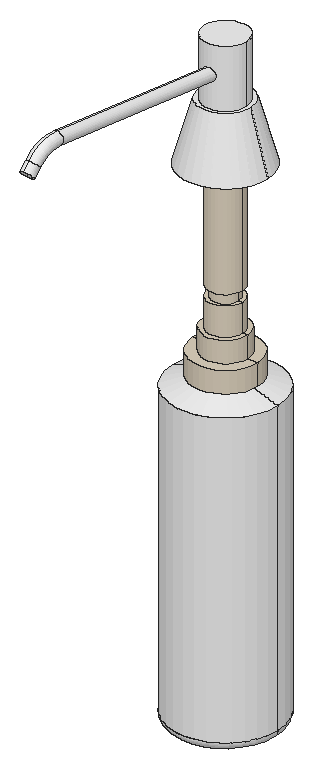
Revit family "Soap_Dispenser-Bradley_Corp-6326", category Specialty Equipment, host Face, Revit 2012
Parameters (values of type "6326")
  Version = "2.0"
  Specifications URL = "http://www.bradleycorp.com/3partspec"
  Soap Bottle Radius = Soap Bottle Width / 2  # 1.250"
  Warranty Information = "Complete Unit 1 Year Warranty. This Warranty does not cover installation or any other labor charges and does not apply to any units which have been damaged by abuse, improper installation, imporper maintanence, or altered in any way."
  Unit Material = Metal - Bradley Corp - Chrome
  URL = "http://www.bradleycorp.com/"
  Type Comments = "Plastic Globe 16oz."
  Technical Data = "n/a"
  Rough In Radius = Rough In Diameter / 2  # 0.500"
  Product Tech Data URL - Spanish = ""
  Product Tech Data URL - French = ""
  Product Tech Data URL - English = "http://bradleycorp.com/download/361/8640.pdf"
  Percentage of Recycled Content = 0
  OmniClass Table 23 Title = "Hand Soap Dispensers"
  OmniClass Table 23 Number = "23.31.25.29.13"
  OmniClass Table 21 Title = "Toilet, Bath, and Laundry Accessories"
  OmniClass Table 21 Number = "21-03 10 90 40"
  Modeling Code = "n/a"
  Model = "6326"
  Material Note = "n/a"
  Material = "Stainless Steel"
  MasterFormat Title = "Toilet, Bath, and Laundry Accessories"
  MasterFormat Number = "10 28 00  "
  Manufacturer = "Bradley Corporation"
  Low Emitting Material = no
  Length = 6.000"
  LEED Credit = ""
  Installation Type = "Countertop Mounted"
  Industry Standards = "n/a"
  Height = 2.750"
  Globe Material = Plastic - Bradley Corp - Polyethylene - Transluscent
  Fire Rating = "n/a"
  Description = "Lavatory-Mounted Soap Dispenser"
  Default Elevation = 0.000"
  Copyright = "This Model is Property of Bradley Corporation"
  Complies to NAFTA = "n/a"
  Buy American Act = "To Be Determined"
  Assembly Code = "C1030200"
  ADA Compliant = "Yes"
  Soap Bottle Depth = 7.125"
  Soap Bottle Width = 2.500"
  Max Countertop Thickness = 3.500"
  Rough In Diameter = 1.000"
Types (4): name | Soap Bottle Radius | Type Comments | Model | Globe Material | Soap Bottle Depth | Soap Bottle Width
  (no name) | 1.250" | "Plastic Globe 16oz." | "6326" | Plastic - Bradley Corp - Polyethylene - Transluscent | 7.125" | 2.500"
  6326 | 1.250" | "Plastic Globe 16oz." | "6326" | Plastic - Bradley Corp - Polyethylene - Transluscent | 7.125" | 2.500"
  6326-67 | 1.375" | "Metal Globe (stainless steel) 16 oz." | "6326-67" | Metal - Bradley Corp - Stainless Steel - Satin | 5.000" | 2.750"
  6326-68 | 1.625" | "Plastic Globe 32 oz." | "6326-68" | Plastic - Bradley Corp - Polyethylene - Transluscent | 8.938" | 3.250"
Reference planes (in)
  plane 1 "Center (Front/Back)": y = 0
  plane 2: z = 0
  plane 3 "Center (Left/Right)": x = 0
  plane 4 "Soap Bottle Left": x = -1.25
  plane 5 "Soap Bottle Right": x = 1.25
  plane 6 "Top": z = 2.75
  plane 7 "Front": y = -6
  plane 8 "Max Countertop Thickness": z = -3.5
  plane 9 "Soap Container Depth": z = -11.875
  plane 10 "Soap Bottle Back": y = 1.25
  plane 11 "Soap Bottle Front": y = -1.25
  plane 12 "Shank Depth": z = -4.75
Forms (in)
  Extrusion 1, void
    sketch origin (0, 0, 0) x (1, 0, 0) y (0, 1, 0)
      loop
        circle (0, 0) r 0.5
    from -3.5 to 0
  Revolve 2, solid, material "Plastic - Bradley Corp - Polyethylene - Transluscent" <- "Globe Material", detail levels fine
    sketch origin (0, 0, 0) x (1, 0, 0) y (0, 0, 1)
      loop
        line (-0.54213, -4.5) -> (-1.25, -4.75) -> (-1.25, -11.675)
        arc (-1.25, -11.675) -> (-1.19142, -11.81642) -> (-1.05, -11.875) r 0.2
        line (-1.05, -11.875) -> (0, -11.875) -> (0, -4.5) -> (-0.54213, -4.5)
      axis (0, -4.5) -> (0, -11.875)
    angle from 0 to 360
  Extrusion 3, solid, material "Plastic - Bradley Corp - Polyethylene - Transluscent" <- "Globe Material", detail levels coarse+medium
    sketch origin (0, 0, -11.875) x (-1, 0, 0) y (0, -1, 0)
      loop
        circle (0, 0) r 1.25
    from 0 to 7.125
  Blend 4, solid, material "Metal - Bradley Corp - Chrome" <- "Unit Material", detail levels fine
    base sketch origin (0, 0, -11.875) x (-1, 0, 0) y (0, -1, 0)
      loop
        circle (0, 0) r 1
    top sketch origin (0, 0, -11.875) x (-1, 0, 0) y (0, -1, 0)
      loop
        circle (0, 0) r 0.6
    from 11.875 to 13.25
  Extrusion 5, solid, material "Metal - Bradley Corp - Chrome" <- "Unit Material", detail levels fine
    sketch origin (0, 0, 2.75) x (-1, 0, 0) y (0, -1, 0)
      loop
        circle (0, 0) r 0.5
    from -1.375 to 0
  Sweep 6, solid, material "Metal - Bradley Corp - Chrome" <- "Unit Material", detail levels fine
    path origin (0, -6, 2.25) x (0, 1, 0) y (0, 0, 1)
      loop
        line (0, 0.16869) -> (0.16044, 0.32913)
        arc (0.16044, 0.32913) -> (0.54796, 0.56958) -> (1.00195, 0.61295) r 1
        line (1.00195, 0.61295) -> (6, -0.06495)
    profile origin (0, -5.91978, 2.49891) x (0, -0.707107, 0.707107) y (1, 0, 0)
      loop
        circle (-0.15, 0) r 0.15
  Extrusion 7, solid, material "Metal - Bradley Corp - Chrome" <- "Unit Material", detail levels coarse+medium
    sketch origin (0, 0, 2.75) x (-1, 0, 0) y (0, -1, 0)
      loop
        circle (0, 0) r 1
    from -2.75 to 0
  Revolve 8, solid, material "Plastic - Bradley Corp - ABS - Cream", detail levels fine
    sketch origin (0, 0, 0) x (1, 0, 0) y (0, 0, 1)
      loop
        line (-0.40625, 0) -> (-0.40625, -2.59031) -> (-0.30892, -2.59031) -> (-0.30892, -2.84031) -> (-0.40625, -2.84031) -> (-0.40625, -3.5) -> (-0.52428, -3.5) -> (-0.52428, -4) -> (-0.77428, -4) -> (-0.77428, -4.5) -> (0, -4.5) -> (0, 0) -> (-0.40625, 0)
      axis (0, 0) -> (0, -4.5)
    angle from 0 to 360
  Extrusion 9, solid, material "Plastic - Bradley Corp - ABS - Cream", detail levels coarse+medium
    sketch origin (0, 0, 2.75) x (-1, 0, 0) y (0, -1, 0)
      loop
        circle (0, 0) r 0.5
    from -7.25 to -2.75
  Extrusion 10, solid, material "Metal - Bradley Corp - Chrome" <- "Unit Material", detail levels coarse+medium
    sketch origin (0, 0, 0) x (1, 0, 0) y (0, 0, 1)
      loop
        circle (0, 2.25286) r 0.15266
    from 0 to 6
Cuts and joins
  joined: Extrusion 5, Sweep 6
  joined: Extrusion 7, Extrusion 10
Lines and regions (in)
  Masking region 1
    outline origin (0, 0, 2.75) x (-1, 0, 0) y (0, -1, 0)
      loop
        arc (-0.15005, 0.98868) -> (0.00026, -1) -> (0.14955, 0.98875) r 1
        line (0.14955, 0.98875) -> (0.14955, 5.89048)
        spline (0.14955, 5.89048) -> (0.14444, 5.91883) -> (0.12948, 5.94524) -> (0.10567, 5.96792) -> (0.07465, 5.98533) -> (0.03852, 5.99627) -> (-0.00025, 6) -> (-0.03902, 5.99627) -> (-0.07515, 5.98533) -> (-0.10618, 5.96792) -> (-0.12998, 5.94524) -> (-0.14495, 5.91883) -> (-0.15005, 5.89048)
        line (-0.15005, 5.89048) -> (-0.15005, 0.98868)
  Masking region 2
    outline origin (0, 0, 0) x (1, 0, 0) y (0, 0, 1)
      loop
        line (0.5, 2.75) -> (0.14696, 2.75)
        arc (0.14696, 2.75) -> (-0.00007, 2.86998) -> (-0.1471, 2.75) r 0.15008
        line (-0.1471, 2.75) -> (-0.5, 2.75) -> (-0.5, 1.375) -> (-0.6, 1.375) -> (-1, 0) -> (-0.40625, 0) -> (-0.40625, -2.59031) -> (-0.30892, -2.59031) -> (-0.30892, -2.84031) -> (-0.40625, -2.84031) -> (-0.40625, -3.5) -> (-0.52428, -3.5) -> (-0.52428, -4) -> (-0.77428, -4) -> (-0.77428, -4.5) -> (-0.54213, -4.5) -> (-1.25, -4.75) -> (-1.25, -11.68159)
        arc (-1.25, -11.68159) -> (-1.19335, -11.81835) -> (-1.05659, -11.875) r 0.19341
        line (-1.05659, -11.875) -> (1.05575, -11.875)
        arc (1.05575, -11.875) -> (1.18855, -11.82269) -> (1.25, -11.69386) r 0.19472
        line (1.25, -11.69386) -> (1.25, -4.75) -> (0.54213, -4.5) -> (0.77428, -4.5) -> (0.77428, -4) -> (0.52428, -4) -> (0.52428, -3.5) -> (0.40625, -3.5) -> (0.40625, -2.84031) -> (0.30892, -2.84031) -> (0.30892, -2.59031) -> (0.40625, -2.59031) -> (0.40625, 0) -> (1, 0) -> (0.6, 1.375) -> (0.5, 1.375) -> (0.5, 2.75)
  Masking region 3
    outline origin (0, 0, 0) x (0, 1, 0) y (0, 0, 1)
      loop
        line (0.5, 2.75) -> (-0.5, 2.75) -> (-0.5, 2.25286) -> (-4.95001, 2.85527)
        arc (-4.95001, 2.85527) -> (-5.3776, 2.83193) -> (-5.76635, 2.65234) r 1.13904
        line (-5.76635, 2.65234) -> (-6, 2.41869) -> (-5.78787, 2.20656) -> (-5.60387, 2.39056)
        arc (-5.60387, 2.39056) -> (-5.26459, 2.55858) -> (-4.88626, 2.5439) r 0.76725
        line (-4.88626, 2.5439) -> (-0.5, 1.95012) -> (-0.5, 1.375) -> (-0.6, 1.375) -> (-1, 0) -> (-0.40625, 0) -> (-0.40625, -2.59031) -> (-0.30892, -2.59031) -> (-0.30892, -2.84031) -> (-0.40625, -2.84031) -> (-0.40625, -3.5) -> (-0.52428, -3.5) -> (-0.52428, -4) -> (-0.77428, -4) -> (-0.77428, -4.5) -> (-0.54213, -4.5) -> (-1.25, -4.75) -> (-1.25, -11.6697)
        arc (-1.25, -11.6697) -> (-1.20218, -11.80279) -> (-1.08059, -11.875) r 0.2091
        line (-1.08059, -11.875) -> (1.0634, -11.875)
        arc (1.0634, -11.875) -> (1.19533, -11.81221) -> (1.25, -11.67672) r 0.20122
        line (1.25, -11.67672) -> (1.25, -4.75) -> (0.54213, -4.5) -> (0.77428, -4.5) -> (0.77428, -4) -> (0.52428, -4) -> (0.52428, -3.5) -> (0.40625, -3.5) -> (0.40625, -2.84031) -> (0.30892, -2.84031) -> (0.30892, -2.59031) -> (0.40625, -2.59031) -> (0.40625, 0) -> (1, 0) -> (0.6, 1.375) -> (0.5, 1.375) -> (0.5, 2.75)
  reference lines
    curve 1: line (0, -6, 2.25) -> (0, 0, 2.25)
  symbolic lines, detail levels fine
    curve 2: line (-0.14955, -0.98875, 2.75) -> (-0.14955, -0.47711, 2.75)
    curve 3: line (0.15005, -0.98868, 2.75) -> (0.15005, -0.47695, 2.75)
    curve 4: arc (-0.5, 0, 2.75) -> (0, -0.5, 2.75) -> (0.5, 0, 2.75) r 0.5
    curve 5: arc (0.5, 0, 2.75) -> (0, 0.5, 2.75) -> (-0.5, 0, 2.75) r 0.5
    curve 6: line (-0.5, 0, 1.375) -> (0.5, 0, 1.375)
    curve 7: line (-0.1471, 0, 2.75) -> (-0.1471, 0, 2.0932)
    curve 8: line (0.14696, 0, 2.75) -> (0.14696, 0, 2.0932)
    curve 9: arc (-0.1471, 0, 2.0932) -> (-0.00007, 0, 1.94617) -> (0.14696, 0, 2.0932) r 0.14703
    curve 10: line (0, -0.5, 1.375) -> (0, 0.5, 1.375)
    curve 11: arc (-0.15266, 0, 2.25286) -> (0, 0, 2.10021) -> (0.15266, 0, 2.25286) r 0.15266
    curve 12: arc (0.15266, 0, 2.25286) -> (0, 0, 2.40552) -> (-0.15266, 0, 2.25286) r 0.15266
Dimensions and locks (in)
  "Length": plane 1 "Center (Front/Back)" to plane 7 "Front"
  "Height": plane 6 "Top" to plane 2
  "Max Countertop Thickness": plane 2 to plane 8 "Max Countertop Thickness"
  "Soap Bottle Width": plane 10 "Soap Bottle Back" to plane 11 "Soap Bottle Front"
  "Soap Bottle Width": plane 4 "Soap Bottle Left" to plane 5 "Soap Bottle Right"
  equal spacing: plane 4 "Soap Bottle Left", plane 3 "Center (Left/Right)", plane 5 "Soap Bottle Right"
  equal spacing: plane 10 "Soap Bottle Back", plane 1 "Center (Front/Back)", plane 11 "Soap Bottle Front"
  "Soap Bottle Radius": plane 3 "Center (Left/Right)" to Revolve 2 sketch curve
  equal spacing: plane 6 "Top", Blend 4, plane 2
  locked: plane 2 to plane 12 "Shank Depth" at 4.75
  "Soap Bottle Depth": plane 12 "Shank Depth" to plane 9 "Soap Container Depth"
  locked: Revolve 8 sketch curve to plane 8 "Max Countertop Thickness" at 0.90969
  locked: Revolve 8 sketch curve to plane 8 "Max Countertop Thickness" at 0.65969
  locked: plane 8 "Max Countertop Thickness" to Revolve 8 sketch curve at 0.5
  locked: plane 8 "Max Countertop Thickness" to Revolve 8 sketch curve at 1
  "Rough In Radius": radius of Extrusion 1 sketch curve
  "Soap Bottle Radius": radius of Extrusion 3 sketch curve
  aligned and locked: plane 2 to host face
  aligned and locked: level to host face
  aligned and locked: plane 3 "Center (Left/Right)" to Extrusion 1 sketch curve
  aligned and locked: plane 1 "Center (Front/Back)" to Extrusion 1 sketch curve
  aligned and locked: Extrusion 1 to plane 8 "Max Countertop Thickness"
  aligned and locked: plane 2 to Extrusion 1
  aligned and locked: plane 3 "Center (Left/Right)" to Extrusion 3 sketch curve
  aligned and locked: plane 1 "Center (Front/Back)" to Extrusion 3 sketch curve
  aligned and locked: Revolve 2 sketch curve to plane 3 "Center (Left/Right)"  (x2)
  aligned and locked: Extrusion 3 to plane 9 "Soap Container Depth"
  aligned and locked: plane 3 "Center (Left/Right)" to Blend 4 sketch curve
  aligned and locked: plane 1 "Center (Front/Back)" to Blend 4 sketch curve
  aligned and locked: Blend 4 to plane 2
  aligned and locked: Extrusion 5 to Blend 4
  aligned and locked: plane 6 "Top" to Extrusion 5
  aligned and locked: plane 12 "Shank Depth" to Extrusion 3
  aligned and locked: Extrusion 7 to plane 2
  aligned and locked: plane 6 "Top" to Extrusion 7
  aligned and locked: plane 7 "Front" to curve 1
  aligned and locked: plane 1 "Center (Front/Back)" to curve 1
  aligned and locked: plane 2 to Extrusion 9
  aligned and locked: Extrusion 9 to Revolve 2
Automatic sketch dimensions
  host sketch curve to host sketch curve = 4.48018"
  host sketch curve to host sketch curve = 5.09722"
  Blend 4 sketch curve to plane 1 "Center (Front/Back)" = 0.000"
  Blend 4 sketch curve to plane 3 "Center (Left/Right)" = 0.000"
  Extrusion 5 sketch curve to plane 1 "Center (Front/Back)" = 0.000"
  Extrusion 5 sketch curve to plane 3 "Center (Left/Right)" = 0.000"
  Sweep 6 sketch curve to plane 3 "Center (Left/Right)" = 0.000"
  profile plane to Sweep 6 sketch curve = 0.150"
  Revolve 2 sketch curve to plane 9 "Soap Container Depth" = 0.000"
  Revolve 2 sketch curve to plane 12 "Shank Depth" = 0.000"
  plane 4 "Soap Bottle Left" to Revolve 2 sketch curve = 0.200"
  Revolve 2 sketch curve to plane 3 "Center (Left/Right)" = 0.54213"
  Revolve 2 sketch curve to plane 9 "Soap Container Depth" = 0.500"
  plane 12 "Shank Depth" to Revolve 2 sketch curve = 0.250"
  level to Revolve 2 sketch curve = 0.500"
  Extrusion 7 sketch curve to plane 1 "Center (Front/Back)" = 0.000"
  Extrusion 7 sketch curve to plane 3 "Center (Left/Right)" = 0.000"
  Revolve 8 sketch curve to plane 8 "Max Countertop Thickness" = 0.000"
  Revolve 8 sketch curve to level = 0.000"  (x2)
  Revolve 8 sketch curve to plane 3 "Center (Left/Right)" = 0.000"  (x2)
  Revolve 8 sketch curve to plane 3 "Center (Left/Right)" = 0.30892"
  Revolve 8 sketch curve to plane 3 "Center (Left/Right)" = 0.40625"
  Revolve 8 sketch curve to Revolve 8 sketch curve = 0.09733"
  Revolve 8 sketch curve to Revolve 8 sketch curve = 0.11803"
  Revolve 8 sketch curve to Revolve 8 sketch curve = 0.250"
  Revolve 8 sketch curve to Revolve 8 sketch curve = 0.000"
  curve 1 to plane 6 "Top" = 0.500"
  Extrusion 9 sketch curve to plane 1 "Center (Front/Back)" = 0.000"
  Extrusion 9 sketch curve to plane 3 "Center (Left/Right)" = 0.000"
  Sweep 6 sketch curve to curve 1 = 0.000"  (x2)
  Sweep 6 sketch curve to curve 1 = 0.06495"
  curve 1 to Sweep 6 sketch curve = 0.16869"
  curve 1 to Sweep 6 sketch curve = 0.16044"
  curve 1 to Sweep 6 sketch curve = 0.37798"
  curve 1 to Sweep 6 sketch curve = 0.86755"
  Sweep 6 sketch curve to Sweep 6 sketch curve = 0.84151"
  curve 1 to Sweep 6 sketch curve = 0.32913"
  Extrusion 10 sketch curve to plane 3 "Center (Left/Right)" = 0.000"
  Extrusion 10 sketch curve to plane 6 "Top" = 0.49714"
  plane 1 "Center (Front/Back)" to Masking region 1 sketch curve = 0.000"
  Masking region 1 sketch curve to plane 3 "Center (Left/Right)" = 0.000"
  plane 3 "Center (Left/Right)" to Masking region 1 sketch curve = 0.00025"
  plane 11 "Soap Bottle Front" to Masking region 1 sketch curve = 0.26132"
  Masking region 1 sketch curve to plane 3 "Center (Left/Right)" = 0.14955"
  Masking region 1 sketch curve to Masking region 1 sketch curve = 0.000"
  plane 7 "Front" to Masking region 1 sketch curve = 0.10952"
  plane 3 "Center (Left/Right)" to curve 3 = 0.15005"
  curve 2 to plane 3 "Center (Left/Right)" = 0.14955"
  plane 1 "Center (Front/Back)" to curve 3 = 0.47695"
  curve 3 to curve 2 = 0.00016"
  plane 11 "Soap Bottle Front" to curve 3 = 0.26132"
  plane 11 "Soap Bottle Front" to curve 2 = 0.26125"
  plane 1 "Center (Front/Back)" to curve 4 = 0.000"
  Masking region 2 sketch curve to plane 4 "Soap Bottle Left" = 0.000"
  Masking region 2 sketch curve to plane 9 "Soap Container Depth" = 0.000"
  Masking region 2 sketch curve to level = 0.000"  (x2)
  Masking region 2 sketch curve to plane 8 "Max Countertop Thickness" = 0.000"  (x2)
  Masking region 2 sketch curve to plane 6 "Top" = 0.000"  (x2)
  Masking region 2 sketch curve to plane 5 "Soap Bottle Right" = 0.000"
  Masking region 2 sketch curve to plane 12 "Shank Depth" = 0.000"  (x2)
  plane 4 "Soap Bottle Left" to Masking region 2 sketch curve = 0.19341"
  plane 4 "Soap Bottle Left" to Masking region 2 sketch curve = 0.250"
  plane 4 "Soap Bottle Left" to Masking region 2 sketch curve = 0.47572"
  Masking region 2 sketch curve to plane 3 "Center (Left/Right)" = 0.600"
  Masking region 2 sketch curve to Masking region 2 sketch curve = 0.23215"  (x2)
  Masking region 2 sketch curve to Masking region 2 sketch curve = 0.250"  (x3)
  Masking region 2 sketch curve to Masking region 2 sketch curve = 0.100"  (x2)
  Masking region 2 sketch curve to plane 3 "Center (Left/Right)" = 0.40625"  (x2)
  Masking region 2 sketch curve to Masking region 2 sketch curve = 0.09733"  (x2)
  Masking region 2 sketch curve to plane 3 "Center (Left/Right)" = 0.1471"
  Masking region 2 sketch curve to plane 3 "Center (Left/Right)" = 0.00007"
  plane 3 "Center (Left/Right)" to Masking region 2 sketch curve = 0.30892"
  plane 3 "Center (Left/Right)" to Masking region 2 sketch curve = 0.40625"
  plane 3 "Center (Left/Right)" to Masking region 2 sketch curve = 0.500"
  Masking region 2 sketch curve to Masking region 2 sketch curve = 0.11803"
  plane 12 "Shank Depth" to Masking region 2 sketch curve = 0.250"  (x2)
  Masking region 2 sketch curve to Masking region 2 sketch curve = 0.01785"
  Masking region 2 sketch curve to plane 5 "Soap Bottle Right" = 0.250"
  Masking region 2 sketch curve to plane 5 "Soap Bottle Right" = 0.19425"
  plane 9 "Soap Container Depth" to Masking region 2 sketch curve = 0.18114"
  Masking region 2 sketch curve to plane 8 "Max Countertop Thickness" = 0.500"  (x2)
  Masking region 2 sketch curve to Masking region 2 sketch curve = 0.65969"  (x2)
  level to Masking region 2 sketch curve = 1.375"
  Masking region 2 sketch curve to Masking region 2 sketch curve = 0.000"
  Masking region 2 sketch curve to plane 6 "Top" = 0.0301"
  curve 7 to plane 6 "Top" = 0.000"
  curve 8 to plane 6 "Top" = 0.000"
  curve 6 to plane 3 "Center (Left/Right)" = 0.500"
  curve 9 to plane 3 "Center (Left/Right)" = 0.00007"
  plane 3 "Center (Left/Right)" to curve 6 = 0.500"
  curve 6 to curve 7 = 0.7182"
  curve 9 to curve 9 = 0.14703"
  curve 9 to plane 6 "Top" = 0.6568"
  Masking region 3 sketch curve to plane 7 "Front" = 0.000"
  Masking region 3 sketch curve to plane 11 "Soap Bottle Front" = 0.000"
  Masking region 3 sketch curve to plane 9 "Soap Container Depth" = 0.000"
  Masking region 3 sketch curve to level = 0.000"  (x2)
  Masking region 3 sketch curve to plane 8 "Max Countertop Thickness" = 0.000"  (x2)
  Masking region 3 sketch curve to plane 6 "Top" = 0.000"
  Masking region 3 sketch curve to plane 10 "Soap Bottle Back" = 0.000"
  Masking region 3 sketch curve to plane 12 "Shank Depth" = 0.000"  (x2)
  plane 7 "Front" to Masking region 3 sketch curve = 0.21213"
  Masking region 3 sketch curve to plane 6 "Top" = 0.09766"
  plane 7 "Front" to Masking region 3 sketch curve = 0.23365"
  Masking region 3 sketch curve to Masking region 3 sketch curve = 0.184"
  Masking region 3 sketch curve to Masking region 3 sketch curve = 0.49961"
  Masking region 3 sketch curve to Masking region 3 sketch curve = 0.00145"
  plane 6 "Top" to Masking region 3 sketch curve = 0.10527"
  Masking region 3 sketch curve to Masking region 3 sketch curve = 0.65387"
  Masking region 3 sketch curve to Masking region 3 sketch curve = 0.06374"
  plane 11 "Soap Bottle Front" to Masking region 3 sketch curve = 0.16941"
  plane 9 "Soap Container Depth" to Masking region 3 sketch curve = 0.2053"
  plane 11 "Soap Bottle Front" to Masking region 3 sketch curve = 0.250"
  plane 11 "Soap Bottle Front" to Masking region 3 sketch curve = 0.47572"
  plane 1 "Center (Front/Back)" to Masking region 3 sketch curve = 0.600"
  Masking region 3 sketch curve to Masking region 3 sketch curve = 0.23215"
  Masking region 3 sketch curve to Masking region 3 sketch curve = 0.250"  (x4)
  plane 1 "Center (Front/Back)" to Masking region 3 sketch curve = 0.500"
  Masking region 3 sketch curve to Masking region 3 sketch curve = 0.000"  (x4)
  Masking region 3 sketch curve to Masking region 3 sketch curve = 0.11803"  (x2)
  Masking region 3 sketch curve to Masking region 3 sketch curve = 0.09733"  (x2)
  Masking region 3 sketch curve to plane 1 "Center (Front/Back)" = 0.30892"
  Masking region 3 sketch curve to plane 1 "Center (Front/Back)" = 0.40625"
  Masking region 3 sketch curve to plane 1 "Center (Front/Back)" = 0.500"
  plane 12 "Shank Depth" to Masking region 3 sketch curve = 0.250"  (x2)
  Masking region 3 sketch curve to Masking region 3 sketch curve = 0.01785"
  Masking region 3 sketch curve to Masking region 3 sketch curve = 0.100"
  Masking region 3 sketch curve to plane 10 "Soap Bottle Back" = 0.250"
  Masking region 3 sketch curve to plane 10 "Soap Bottle Back" = 0.20121"
  Masking region 3 sketch curve to plane 10 "Soap Bottle Back" = 0.1866"
  plane 9 "Soap Container Depth" to Masking region 3 sketch curve = 0.19828"
  Masking region 3 sketch curve to plane 8 "Max Countertop Thickness" = 0.500"  (x2)
  Masking region 3 sketch curve to Masking region 3 sketch curve = 0.65969"
  level to Masking region 3 sketch curve = 1.375"
  Masking region 3 sketch curve to Masking region 3 sketch curve = 0.08174"
  Masking region 3 sketch curve to Masking region 3 sketch curve = 0.57512"
  Masking region 3 sketch curve to Masking region 3 sketch curve = 0.44578"
  Masking region 3 sketch curve to Masking region 3 sketch curve = 0.30275"
  plane 1 "Center (Front/Back)" to curve 10 = 0.500"
  curve 10 to plane 1 "Center (Front/Back)" = 0.500"
  level to curve 10 = 1.375"
  curve 11 to curve 12 = 0.000"  (x2)
  curve 12 to plane 3 "Center (Left/Right)" = 0.000"
  curve 11 to curve 11 = 0.15266"
  curve 8 to curve 12 = 0.15966"
  radius of Blend 4 sketch curve = 1.000"
  radius of Blend 4 sketch curve = 0.600"
  radius of Extrusion 5 sketch curve = 0.500"
  radius of Sweep 6 sketch curve = 0.150"
  radius of Extrusion 7 sketch curve = 1.000"
  radius of Extrusion 9 sketch curve = 0.500"
  radius of Extrusion 10 sketch curve = 0.15266"
